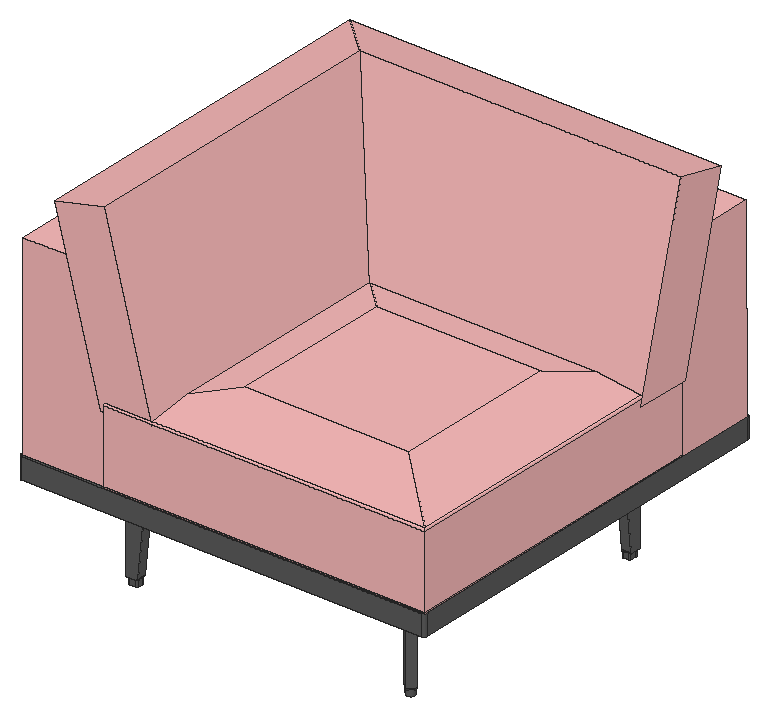
Revit family "Haworth_Lyda_Lounge_Corner", category Furniture, Revit 2018
Family settings
  OmniClass Number = 23.40.70.14.64.21
  OmniClass Title = Systems Furniture
  Work Plane-Based = No
  Always vertical = Yes
  Cut with Voids When Loaded = No
  Shared = No
  Room Calculation Point = No
Parameters (values of type "Corner Lounge")
  Warranty = "http://www.haworth.com/resources/product-info/warranties"
  Upholstery Finish [instance] = Haworth _ Fabric _ Atlas _ 501 LW-G
  URL - Product = "https://www.haworth.com/na/en/products/lounge-sofas/ottomans/lydalounge.html"
  URL = "www.haworth.com"
  Sustainability Info = "https://www.haworth.com/company-info/sustainability"
  Standard Width = "32.75 in"  # constant formula
  Standard Depth = "32.75 in"  # constant formula
  Size = "Verify Final Dim. w/ Haworth"  # constant formula
  Seat Width = 25 225/256"  # constant formula
  Seat Height = 17"  # constant formula
  Seat Depth = 25 225/256"  # constant formula
  Revision Number = "1"  # constant formula
  Model = "HCCL-LYLA-11X"  # constant formula
  Manufacturer = "Haworth"  # constant formula
  Leg Finish = Haworth _ Paint _ Black
  Description = "Haworth - Lyda - Lounge - Corner"  # constant formula
  Base Finish [instance] = Haworth _ Paint _ Black
  Author = "Haworth (Abd Rahman)"  # constant formula
  Assembly Code = "E2020200"
  Actual Width = Actual Depth  # 32 3/4"
  Actual Height = 30 1/4"  # constant formula
  Actual Depth = 32 3/4"  # constant formula
Reference planes (in)
  plane 1: z = 0
  plane 2 "Center L/R": x = -6.17556
  plane 3 "Center F/B": y = -11.5
  plane 4 "Back": y = 4.875
  plane 5 "Front": y = -27.875
  plane 6 "Right": x = 10.19944
  plane 7 "Left": x = -22.55056
  plane 8: z = 17
  plane 9: z = 8.24731
  plane 10: z = 9.90088
  plane 11: z = 7.9995
  plane 12: z = 30.25
  plane 13: x = -15.55056
  plane 14: y = -2.125
  plane 15: x = -15.67837
Forms (in)
  Extrusion 1, solid, material "Haworth _ Paint _ Black" <- "Base Finish"
    sketch origin (0, 0, 0) x (1, 0, 0) y (0, 1, 0)
      loop
        arc (-22.2927, 4.875) -> (-22.47503, 4.79948) -> (-22.55056, 4.61715) r 0.25785
        line (-22.55056, 4.61715) -> (-22.55056, -27.625)
        arc (-22.55056, -27.625) -> (-22.47733, -27.80178) -> (-22.30056, -27.875) r 0.25
        line (-22.30056, -27.875) -> (9.94944, -27.875)
        arc (9.94944, -27.875) -> (10.12622, -27.80178) -> (10.19944, -27.625) r 0.25
        line (10.19944, -27.625) -> (10.19944, 4.625)
        arc (10.19944, 4.625) -> (10.12622, 4.80178) -> (9.94944, 4.875) r 0.25
        line (9.94944, 4.875) -> (-22.2927, 4.875)
    from 8.24731 to 9.90088
  Sweep 2, solid, material "Haworth _ Fabric _ Atlas _ 501 LW-G" <- "Upholstery Finish"
    path origin (0, 0, 0) x (1, 0, 0) y (0, 1, 0)
      loop
        line (10.12313, 0.99703) -> (-18.80056, 0.99703) -> (-18.80056, -27.62607)
    profile origin (-4.33871, 0.99703, 0) x (0, -1, 0) y (0, 0, 1)
      loop
        line (-3.64093, 9.90088) -> (3.12279, 9.90088) -> (3.12203, 15.32659) -> (2.73707, 15.32659) -> (0, 25.59256) -> (-3.59839, 25.59675)
        arc (-3.59839, 25.59675) -> (-3.88208, 17.74953) -> (-3.64093, 9.90088) r 117.48518
  Sweep 3, solid, material "Haworth _ Fabric _ Atlas _ 501 LW-G" <- "Upholstery Finish"
    path origin (0, 0, 0) x (1, 0, 0) y (0, 1, 0)
      loop
        line (10.20342, -2.12173) -> (-15.67853, -2.12173) -> (-15.67853, -27.75875)
    profile origin (-2.73755, -2.12173, 0) x (0, -1, 0) y (0, 0, 1)
      loop
        arc (3.96036, 15.32659) -> (2.17689, 22.84002) -> (0.00327, 30.25) r 147.73615
        arc (0.00327, 30.25) -> (-2.06438, 29.82589) -> (-4.08326, 29.21012) r 22.52629
        line (-4.08326, 29.21012) -> (-0.38169, 15.32659) -> (3.96036, 15.32659)
Lines and regions (in)
  Masking region 1
    outline origin (0, 0, 0) x (1, 0, 0) y (0, 1, 0)
      loop
        line (9.94944, 4.875) -> (-22.2927, 4.875)
        arc (-22.2927, 4.875) -> (-22.47503, 4.79948) -> (-22.55056, 4.61715) r 0.25785
        line (-22.55056, 4.61715) -> (-22.55056, -27.625)
        arc (-22.55056, -27.625) -> (-22.47733, -27.80178) -> (-22.30056, -27.875) r 0.25
        line (-22.30056, -27.875) -> (9.94944, -27.875)
        arc (9.94944, -27.875) -> (10.12622, -27.80178) -> (10.19944, -27.625) r 0.25
        line (10.19944, -27.625) -> (10.19944, 4.625)
        arc (10.19944, 4.625) -> (10.12622, 4.80178) -> (9.94944, 4.875) r 0.25
  symbolic lines, style "Haworth"
    curve 1: line (-19.76179, -27.75875, 0) -> (-19.76179, 1.96153, 0)
    curve 2: line (-19.76179, 1.96153, 0) -> (10.20342, 1.96153, 0)
    curve 3: line (10.12313, 0.99703, 0) -> (-18.80056, 0.99703, 0)
    curve 4: line (-18.80056, 0.99703, 0) -> (-18.80056, -27.62607, 0)
    curve 5: line (-15.67946, -27.87675, 0) -> (-15.67946, -1.99609, 0)
    curve 6: line (-15.67946, -1.99609, 0) -> (10.19944, -1.99609, 0)
    curve 7: line (10.20342, -6.08209, 0) -> (-11.71817, -6.08209, 0)
    curve 8: line (-11.71817, -6.08209, 0) -> (-11.71817, -27.75875, 0)
Dimensions and locks (in)
  equal spacing: plane 7 "Left", plane 2 "Center L/R", plane 6 "Right"
  "Actual Width": plane 7 "Left" to plane 6 "Right"
  equal spacing: plane 4 "Back", plane 3 "Center F/B", plane 5 "Front"
  "Actual Depth": plane 4 "Back" to plane 5 "Front"
  "Seat Height": plane 8 to level
  "Actual Height": plane 12 to level
  plane 15 to plane 6 "Right" = 25.87781"
  aligned and locked: Extrusion 1 to plane 10
  aligned and locked: plane 9 to Extrusion 1
  aligned and locked: plane 6 "Right" to nested 5
  aligned and locked: plane 5 "Front" to nested 5
  aligned and locked: plane 4 "Back" to Masking region 1
  aligned and locked: plane 6 "Right" to Masking region 1
  aligned and locked: Masking region 1 to plane 5 "Front"
  aligned and locked: Masking region 1 to plane 7 "Left"
Automatic sketch dimensions
  Extrusion 1 sketch curve to plane 7 "Left" = 0"
  Extrusion 1 sketch curve to plane 5 "Front" = 0"
  Extrusion 1 sketch curve to plane 4 "Back" = 0"
  Extrusion 1 sketch curve to plane 6 "Right" = 0"
  plane 7 "Left" to Extrusion 1 sketch curve = 1/4"
  Extrusion 1 sketch curve to Extrusion 1 sketch curve = 0.25785"
  Extrusion 1 sketch curve to plane 4 "Back" = 1/4"
  Extrusion 1 sketch curve to plane 6 "Right" = 1/4"
  Masking region 1 sketch curve to plane 7 "Left" = 0"
  Masking region 1 sketch curve to plane 5 "Front" = 0"
  plane 4 "Back" to Masking region 1 sketch curve = 0"
  Masking region 1 sketch curve to plane 6 "Right" = 0"
  Masking region 1 sketch curve to Masking region 1 sketch curve = 1/4"  (x2)
  plane 7 "Left" to Masking region 1 sketch curve = 0.25785"
  Masking region 1 sketch curve to plane 4 "Back" = 1/4"
  Sweep 3 sketch curve to level = 15.02513"
  Sweep 3 sketch curve to profile plane = 3.49076"
  level to Sweep 3 sketch curve = 7.99531"
  Sweep 3 sketch curve to profile plane = 0.00327"
  Sweep 3 sketch curve to profile plane = 3.96036"
  plane 13 to Sweep 3 sketch curve = 0.12797"
  Sweep 3 sketch curve to plane 14 = 0.00327"
  plane 6 "Right" to Sweep 3 sketch curve = 0.00398"
  plane 5 "Front" to Sweep 3 sketch curve = 0.11625"
  profile plane to Sweep 3 sketch curve = 4.08326"
  Sweep 3 sketch curve to Sweep 3 sketch curve = 7.33128"
  profile plane to Sweep 3 sketch curve = 0.38169"
  profile plane to Sweep 3 sketch curve = 140.62437"
  plane 13 to Sweep 2 sketch curve = 3 1/4"
  Sweep 2 sketch curve to plane 14 = 3.12203"
  Sweep 2 sketch curve to plane 6 "Right" = 0.07631"
  plane 5 "Front" to Sweep 2 sketch curve = 0.24893"
  Sweep 2 sketch curve to profile plane = 0"
  profile plane to Sweep 2 sketch curve = 3.59839"
  profile plane to Sweep 2 sketch curve = 3.64093"
  Sweep 2 sketch curve to profile plane = 3.12279"
  level to Sweep 2 sketch curve = 17.4311"
  level to Sweep 2 sketch curve = 9.90088"
  Sweep 2 sketch curve to Sweep 2 sketch curve = 0.00419"
  Sweep 2 sketch curve to Sweep 2 sketch curve = 5.42571"
  Sweep 2 sketch curve to Sweep 2 sketch curve = 0.38496"
  Sweep 2 sketch curve to profile plane = 2.73707"
  Sweep 2 sketch curve to Sweep 2 sketch curve = 110.48064"
  curve 6 to plane 6 "Right" = 0"
  plane 15 to curve 6 = 0.0011"
  plane 15 to curve 3 = 3.12219"
  curve 2 to curve 3 = 0.96123"
  curve 6 to plane 14 = 33/256"
  curve 4 to plane 14 = 3.12203"
  curve 3 to curve 2 = 0.9645"
  curve 3 to plane 6 "Right" = 0.07631"
  curve 8 to plane 13 = 3.83239"
  plane 6 "Right" to curve 7 = 0.00398"
  plane 6 "Right" to curve 2 = 0.00398"
  plane 14 to curve 8 = 3.95709"
  plane 5 "Front" to curve 4 = 0.24893"
  plane 5 "Front" to curve 8 = 0.11625"
  plane 5 "Front" to curve 1 = 0.11625"
  curve 5 to plane 5 "Front" = 0.00175"
Nested families (in)
  nested 1: "Haworth_Lyda_Leg_PART" at (-1.50775, -15.52619, 0) x (-1, 0, 0) z (0, 0, 1), Support Finish <- "Leg Finish", type "Leg - PART"
    with Support Finish Haworth _ Paint _ Black
  nested 2: "Haworth_Lyda_Leg_PART" at (-1.75474, -7.32321, 0) x (0.7071, 0.7071, 0) z (0, 0, 1), Support Finish <- "Leg Finish", type "Leg - PART"
    with Support Finish Haworth _ Paint _ Black
  nested 3: "Haworth_Lyda_Leg_PART" at (-2.22325, -28.49543, 0) x (0, -1, 0) z (0, 0, 1), Support Finish <- "Leg Finish", type "Leg - PART"
    with Support Finish Haworth _ Paint _ Black
  nested 4: "Haworth_Lyda_Leg_PART" at (-11.00789, -15.43343, 0) x (-0.7074, -0.7068, 0) z (0, 0, 1), Support Finish <- "Leg Finish", type "Leg - PART"
    with Support Finish Haworth _ Paint _ Black
  nested 5: "Haworth_Lyda_Cushion_Rectangle_PART" at (3.43555, -0.03706, 0), Cushion Finish <- "Upholstery Finish", type "Cushion - Rectangle - PART"
    with Cushion Finish Haworth _ Fabric _ Atlas _ 501 LW-G
Definition of nested family "Haworth_Lyda_Leg_PART"
  Parameters (values of type "Leg - PART")
    Warranty = "http://www.haworth.com/resources/product-info/warranties"
    URL - Product = "https://www.haworth.com/na/en/products/lounge-sofas/ottomans/lydalounge.html"
    URL = "www.haworth.com"
    Sustainability Info = "https://www.haworth.com/company-info/sustainability"
    Support Finish [instance] = none
    Size = "Verify Final Dim. w/ Haworth"  # constant formula
    Revision Number = "1"  # constant formula
    Model = "Haworth Lyda"  # constant formula
    Manufacturer = "Haworth"  # constant formula
    Description = "Haworth - Lyda - Leg PART"  # constant formula
    Author = "Haworth (Abd Rahman)"  # constant formula
    Assembly Code = "E2020200"
    Actual Width = 3 1/4"  # constant formula
    Actual Height = 8 63/256"  # constant formula
    Actual Depth = 7 241/256"  # constant formula
  Reference planes (in)
    plane 1: z = 0
    plane 2: z = 8.24609
    plane 3: z = 7.9995
    plane 4 "Center (Front/Back)": y = -11.89763
    plane 5 "Right": x = -4.50514
    plane 6 "Left": x = -7.75514
    plane 7 "Center (Left/Right)": x = -6.13014
    plane 8 "Front": y = -15.86833
    plane 9 "Back": y = -7.92693
  Forms (in)
    Blend 1, solid, material <- "Support Finish"
      base sketch origin (-15.7151, 7.34424, 0) x (1, 0, 0) y (0, 1, 0)
        loop
          arc (10.9737, -15.75611) -> (10.90047, -15.57933) -> (10.7237, -15.50611) r 0.25
          line (10.7237, -15.50611) -> (8.44615, -15.50611)
          arc (8.44615, -15.50611) -> (8.26938, -15.57933) -> (8.19615, -15.75611) r 0.25
          line (8.19615, -15.75611) -> (8.19615, -22.72652)
          arc (8.19615, -22.72652) -> (8.28096, -22.91416) -> (8.47783, -22.97451) r 0.25
          line (8.47783, -22.97451) -> (9.08232, -22.89729)
          arc (9.08232, -22.89729) -> (9.58492, -23.2126) -> (10.08752, -22.89729) r 0.55823
          line (10.08752, -22.89729) -> (10.69202, -22.97451)
          arc (10.69202, -22.97451) -> (10.88889, -22.91416) -> (10.9737, -22.72652) r 0.25
          line (10.9737, -22.72652) -> (10.9737, -15.75611)
      top sketch origin (-15.7151, 7.34424, 0) x (1, 0, 0) y (0, 1, 0)
        loop
          arc (7.95996, -22.71316) -> (8.10642, -23.06673) -> (8.45999, -23.21316) r 0.5
          line (8.45999, -23.21316) -> (10.70997, -23.21304)
          arc (10.70997, -23.21304) -> (11.06351, -23.06658) -> (11.20994, -22.71304) r 0.5
          line (11.20994, -22.71304) -> (11.20994, -15.76992)
          arc (11.20994, -15.76992) -> (11.0635, -15.41636) -> (10.70994, -15.26992) r 0.5
          line (10.70994, -15.26992) -> (8.45996, -15.26992)
          arc (8.45996, -15.26992) -> (8.10641, -15.41636) -> (7.95996, -15.76992) r 0.5
          line (7.95996, -15.76992) -> (7.95996, -22.71316)
      from 7.9995 to 8.24731
    Extrusion 2, solid, material <- "Support Finish"
      sketch origin (-0.64065, 7.34424, 0) x (0, 1, 0) y (0, 0, 1)
        loop
          arc (-22.89729, 7.9995) -> (-23.09889, 8.06946) -> (-23.21382, 8.24927) r 0.32546
          line (-23.21382, 8.24927) -> (-23.14652, 0.56683)
          arc (-23.14652, 0.56683) -> (-23.12554, 0.5171) -> (-23.07562, 0.49656) r 0.0709
          line (-23.07562, 0.49656) -> (-22.29789, 0.49656)
          arc (-22.29789, 0.49656) -> (-22.25795, 0.51209) -> (-22.23899, 0.55052) r 0.05913
          arc (-22.23899, 0.55052) -> (-22.04885, 2.57156) -> (-21.83293, 4.59) r 159.07204
          arc (-21.83293, 4.59) -> (-21.73327, 5.12242) -> (-21.55814, 5.63499) r 3.75965
          arc (-21.55814, 5.63499) -> (-21.10365, 6.18486) -> (-20.4224, 6.39658) r 1.25
          line (-20.4224, 6.39658) -> (-17.30777, 6.4338)
          arc (-17.30777, 6.4338) -> (-16.18821, 6.89165) -> (-15.70269, 7.9995) r 1.61124
          line (-15.70269, 7.9995) -> (-22.89729, 7.9995)
      from -5.85929 to -5.16531
    Extrusion 3, solid, material <- "Support Finish"
      sketch origin (-15.7151, 7.34424, 0) x (1, 0, 0) y (0, 1, 0)
        loop
          arc (9.27139, -22.83335) -> (9.58492, -23.14688) -> (9.89846, -22.83335) r 0.31353
          line (9.89846, -22.83335) -> (9.89846, -22.36609)
          arc (9.89846, -22.36609) -> (9.86123, -22.27621) -> (9.77135, -22.23898) r 0.12711
          line (9.77135, -22.23898) -> (9.39989, -22.23898)
          arc (9.39989, -22.23898) -> (9.30903, -22.27662) -> (9.27139, -22.36748) r 0.1285
          line (9.27139, -22.36748) -> (9.27139, -22.83335)
      from 0 to 0.49656
  Cuts and joins
    joined: Blend 1, Extrusion 2, Extrusion 3
  Lines and regions (in)
    symbolic lines
      curve 1: line (-4.50515, -15.3688, 0) -> (-4.50515, -8.42567, 0)
      curve 2: arc (-4.50515, -8.42567, 0) -> (-4.6516, -8.07212, 0) -> (-5.00515, -7.92567, 0) r 0.5
      curve 3: line (-5.00515, -7.92567, 0) -> (-7.25514, -7.92567, 0)
      curve 4: arc (-7.25514, -7.92567, 0) -> (-7.60869, -8.07212, 0) -> (-7.75514, -8.42567, 0) r 0.5
      curve 5: line (-7.75514, -8.42567, 0) -> (-7.75514, -15.36892, 0)
      curve 6: arc (-7.75514, -15.36892, 0) -> (-7.60869, -15.72248, 0) -> (-7.25514, -15.86892, 0) r 0.5
      curve 7: arc (-5.00513, -15.8688, 0) -> (-4.65159, -15.72234, 0) -> (-4.50515, -15.3688, 0) r 0.5
      curve 8: line (-7.25514, -15.86892, 0) -> (-5.00511, -15.86892, 0)
  Dimensions and locks (in)
    equal spacing: plane 6 "Left", plane 7 "Center (Left/Right)", plane 5 "Right"
    "Actual Width": plane 6 "Left" to plane 5 "Right"
    equal spacing: plane 8 "Front", plane 4 "Center (Front/Back)", plane 9 "Back"
    "Actual Depth": plane 8 "Front" to plane 9 "Back"
    "Actual Height": plane 2 to level
  Automatic sketch dimensions
    Blend 1 sketch curve to Blend 1 sketch curve = 1/4"  (x3)
    Blend 1 sketch curve to Blend 1 sketch curve = 0.03168"  (x2)
    Blend 1 sketch curve to Blend 1 sketch curve = 0.60449"  (x2)
    Blend 1 sketch curve to Blend 1 sketch curve = 0.5026"  (x2)
    Blend 1 sketch curve to Blend 1 sketch curve = 2.27754"
    Blend 1 sketch curve to Blend 1 sketch curve = 0"
    Blend 1 sketch curve to Blend 1 sketch curve = 0.07722"
    Blend 1 sketch curve to Blend 1 sketch curve = 0.24292"
    Blend 1 sketch curve to Blend 1 sketch curve = 1/2"  (x3)
    Blend 1 sketch curve to Blend 1 sketch curve = 0.00003"  (x2)
    Blend 1 sketch curve to Blend 1 sketch curve = 2 1/4"  (x2)
    Blend 1 sketch curve to Blend 1 sketch curve = 0.00012"
    plane 3 to Extrusion 2 sketch curve = 0"
    Extrusion 2 sketch curve to plane 2 = 0.00318"
    level to Extrusion 2 sketch curve = 0.56683"
    Extrusion 2 sketch curve to Extrusion 2 sketch curve = 0.0709"
    Extrusion 2 sketch curve to Extrusion 2 sketch curve = 0.31654"
    Extrusion 2 sketch curve to Extrusion 2 sketch curve = 0.77773"
    plane 3 to Extrusion 2 sketch curve = 1.60292"
    Extrusion 2 sketch curve to Extrusion 2 sketch curve = 2.47489"
    Extrusion 2 sketch curve to Extrusion 2 sketch curve = 0.01494"
    Extrusion 2 sketch curve to Extrusion 2 sketch curve = 2.31023"
    Extrusion 2 sketch curve to plane 3 = 0.04553"
    Extrusion 2 sketch curve to Extrusion 2 sketch curve = 3.10911"
    plane 3 to Extrusion 2 sketch curve = 1.5657"
    Extrusion 2 sketch curve to Extrusion 2 sketch curve = 0.00552"
    Extrusion 2 sketch curve to level = 13.33836"
    Extrusion 2 sketch curve to Extrusion 2 sketch curve = 0.07028"
    Extrusion 2 sketch curve to Extrusion 2 sketch curve = 0.05913"
    Extrusion 2 sketch curve to Extrusion 2 sketch curve = 2.26753"
    Extrusion 2 sketch curve to Extrusion 2 sketch curve = 1.24991"
    Extrusion 2 sketch curve to Extrusion 2 sketch curve = 0"  (x2)
    Extrusion 3 sketch curve to Extrusion 3 sketch curve = 0.1285"
    Extrusion 3 sketch curve to Extrusion 3 sketch curve = 0.31353"
    Extrusion 3 sketch curve to Extrusion 3 sketch curve = 0.12711"
    Extrusion 3 sketch curve to Extrusion 3 sketch curve = 0.46587"
    Blend 1 sketch curve to plane 6 "Left" = 0.23619"
    Blend 1 sketch curve to plane 6 "Left" = 0"
    Extrusion 3 sketch curve to plane 6 "Left" = 1.31143"
    Blend 1 sketch curve to plane 4 "Center (Front/Back)" = 3.48576"
    Blend 1 sketch curve to plane 4 "Center (Front/Back)" = 3.47195"
    Extrusion 2 sketch curve to Extrusion 2 sketch curve = 151.92826"
    plane 4 "Center (Front/Back)" to Blend 1 sketch curve = 3.4125"
    plane 4 "Center (Front/Back)" to Blend 1 sketch curve = 3.47117"
    plane 4 "Center (Front/Back)" to Extrusion 2 sketch curve = 3.97195"
    plane 4 "Center (Front/Back)" to Extrusion 2 sketch curve = 3.90465"
    plane 4 "Center (Front/Back)" to Extrusion 3 sketch curve = 3.59148"
    curve 6 to plane 6 "Left" = 0"
    curve 6 to plane 6 "Left" = 1/2"
    curve 3 to plane 9 "Back" = 0.00125"
    curve 3 to plane 6 "Left" = 1/2"
    plane 5 "Right" to curve 7 = 1/2"
    plane 5 "Right" to curve 2 = 1/2"
    plane 5 "Right" to curve 1 = 0"
    curve 1 to plane 8 "Front" = 0.49953"
    curve 6 to plane 8 "Front" = 0.49941"
    plane 8 "Front" to curve 7 = 0.00047"
    curve 7 to curve 8 = 0"
    curve 8 to curve 7 = 0.00012"
Definition of nested family "Haworth_Lyda_Cushion_Rectangle_PART"
  Parameters (values of type "Cushion - PART")
    Warranty = "http://www.haworth.com/resources/product-info/warranties"
    URL - Product = "https://www.haworth.com/na/en/products/lounge-sofas/ottomans/lydalounge.html"
    URL = "www.haworth.com"
    Sustainability Info = "https://www.haworth.com/company-info/sustainability"
    Size = "Verify Final Dim. w/ Haworth"  # constant formula
    Seat Height = 17"  # constant formula
    Revision Number = "1"  # constant formula
    Model = "Haworth - Lyda"  # constant formula
    Manufacturer = "Haworth"  # constant formula
    Description = "Haworth - Lyda - Lounge - Cushion - Rectangle - PART"  # constant formula
    Cushion Finish [instance] = none
    Author = "Haworth (Abd Rahman)"  # constant formula
    Assembly Code = "E2020200"
    Actual Width = 56 1/2"
    Actual Height = 30 1/4"  # constant formula
    Actual Depth = 32 3/4"
  Types (2): name | URL - Product | Actual Width | Actual Depth
    Cushion - PART | "https://www.haworth.com/na/en/products/lounge-sofas/ottomans/lydalounge.html" | 56 1/2" | 32 3/4"
    Cushion - Rectangle - PART | "" | 25 225/256" | 25 225/256"
  Reference planes (in)
    plane 1: z = 0
    plane 2 "Center L/R": x = -6.17556
    plane 3 "Front": y = -31.27349
    plane 4 "Right": x = 22.07444
    plane 5 "Left": x = -34.42556
    plane 6: z = 17
    plane 7: z = 8.24731
    plane 8: z = 9.90088
    plane 9: z = 7.9995
    plane 10: z = 30.25
    plane 11: x = -24.42556
    plane 12: x = 12.07444
    plane 13 "Back": y = 1.47651
    plane 14 "Center (Front/Back)": y = -14.89849
    plane 15: y = -8.52534
    plane 16: y = -21.27349
  Forms (in)
    Extrusion 1, solid, material <- "Cushion Finish"
      sketch origin (0, 0, 0) x (1, 0, 0) y (0, 1, 0)
        loop
          line (-24.42556, -8.52534) -> (-24.42556, -21.27349) -> (12.07444, -21.27349) -> (12.07444, -8.52534) -> (-24.42556, -8.52534)
      from 9.90088 to 16.68463
    Sweep 2, solid, material <- "Cushion Finish"
      path in 3D
        loop
          line (12.07444, -8.52534, 16.68463) -> (-24.42556, -8.52534, 16.68463) -> (-24.42556, -21.27349, 16.68463) -> (12.07444, -21.27349, 16.68463) -> (12.07444, -8.52534, 16.68463)
      profile origin (12.07444, -14.89941, 16.68463) x (-1, 0, 0) y (0, 0, 1)
        loop
          line (0, 0) -> (-3.70108, 0)
          arc (-3.70108, 0) -> (-6.80163, -0.15611) -> (-9.87082, -0.62287) r 30.86799
          arc (-9.87082, -0.62287) -> (-9.9636, -0.67895) -> (-10, -0.78107) r 0.16145
          line (-10, -0.78107) -> (-10, -6.65029)
          arc (-10, -6.65029) -> (-9.96149, -6.74327) -> (-9.8685, -6.78179) r 0.1315
          line (-9.8685, -6.78179) -> (0, -6.78179) -> (0, 0)
  Cuts and joins
    joined: Extrusion 1, Sweep 2
  Lines and regions (in)
    Masking region 1
      outline origin (0, 0, 0) x (1, 0, 0) y (0, 1, 0)
        loop
          line (-34.42736, 1.47641) -> (-34.42736, -31.27524) -> (22.07625, -31.27524) -> (22.07625, 1.47641) -> (-34.42736, 1.47641)
    sketch lines
      curve 1: line (12.07444, -21.27349, 16.68463) -> (12.07444, -8.52534, 16.68463)
      curve 2: line (12.07444, -8.52534, 16.68463) -> (-24.42556, -8.52534, 16.68463)
      curve 3: line (-24.42556, -8.52534, 16.68463) -> (-24.42556, -21.27349, 16.68463)
      curve 4: line (-24.42556, -21.27349, 16.68463) -> (12.07444, -21.27349, 16.68463)
  Dimensions and locks (in)
    equal spacing: plane 5 "Left", plane 2 "Center L/R", plane 4 "Right"
    "Actual Width": plane 5 "Left" to plane 4 "Right"
    "Seat Height": plane 6 to level
    "Actual Height": plane 10 to level
    locked: plane 12 to plane 4 "Right" at 10
    locked: plane 5 "Left" to plane 11 at 10
    equal spacing: plane 3 "Front", plane 14 "Center (Front/Back)", plane 13 "Back"
    "Actual Depth": plane 3 "Front" to plane 13 "Back"
    locked: plane 3 "Front" to plane 16 at 10
    locked: plane 15 to plane 13 "Back" at 10.00185
    aligned and locked: plane 12 to Extrusion 1 sketch curve
    aligned and locked: Extrusion 1 sketch curve to plane 11
    aligned and locked: plane 8 to Extrusion 1
    aligned and locked: Masking region 1 sketch curve to cut or joined group of Extrusion 1, Sweep 2  (x4)
    aligned and locked: Sweep 2 sketch curve to plane 4 "Right"
    aligned and locked: Extrusion 1 sketch curve to plane 16
    aligned and locked: plane 15 to Extrusion 1 sketch curve
  Automatic sketch dimensions
    Sweep 2 sketch curve to profile plane = 0"  (x2)
    profile plane to Sweep 2 sketch curve = 3.70108"
    Sweep 2 sketch curve to profile plane = 0.78107"
    Sweep 2 sketch curve to Sweep 2 sketch curve = 0.02996"
    Sweep 2 sketch curve to Sweep 2 sketch curve = 0.16145"
    Sweep 2 sketch curve to Sweep 2 sketch curve = 5.86922"
    Sweep 2 sketch curve to Sweep 2 sketch curve = 24.0862"
